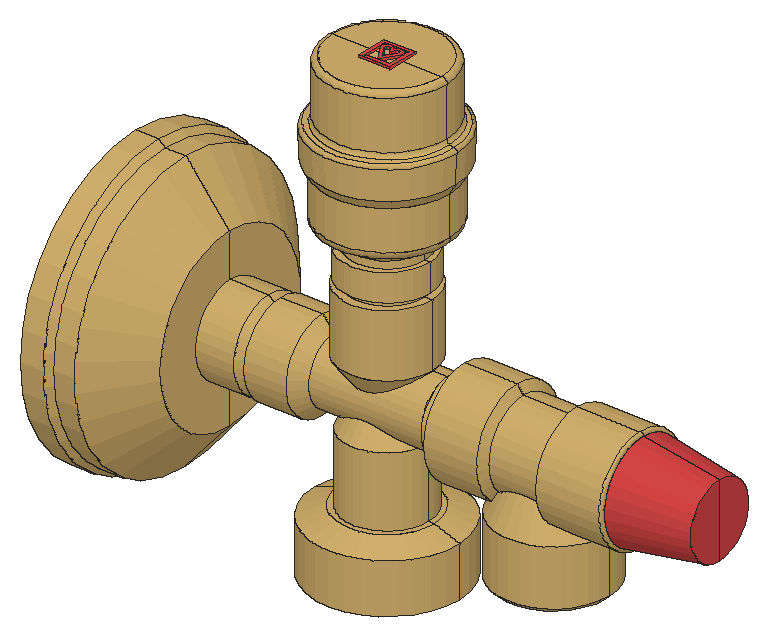
Revit family "Kesselgruppe 2104", category Rohrzubehör, Revit 2020
Family settings
  Bemaßung runder Anschluss = Durchmesser verwenden
  Teiletyp = Normal
  OmniClass-Nummer = 23.65.55.14
  OmniClass-Titel = Valves for Liquid Services
  Arbeitsebenenbasiert = Nein
  Immer vertikal = Ja
  Beim Laden mit Abzugskörper schneiden = Nein
  Gemeinsam genutzt = Nein
Parameters
  Öffnungsdruck = 300000.0 Pa  # constant formula
  max.Betriebstemperatur = 110 °C  # constant formula
  Wäremdämmung = "EPP"  # constant formula
  Vorgabe-Ansicht = 0.000 mm
  Verbindungsstück = "geschmiedetes Messing nach EN 12165; CW617N "  # constant formula
  URL = "www.herz-armaturen.at"
  Sicherheitsventil = "geschmiedetes Messing nach EN 12165; CW617N "  # constant formula
  SCRNSEQ = "AWI;AWI_TYP=\"1001\";2"
  SCRNCODE = "02;04;02"  # constant formula
  S08 = 17.700 mm  # constant formula
  S07 = 69.900 mm  # constant formula
  S06 = 42.700 mm  # constant formula
  S05 = 71.000 mm  # constant formula
  S04 = 32.000 mm  # constant formula
  S03 = 45.000 mm  # constant formula
  S02 = L18 + L19  # 95.300 mm
  S01 = 31.800 mm  # constant formula
  R25 = 10.400 mm  # constant formula
  R24 = 13.900 mm  # constant formula
  R23 = 10.400 mm  # constant formula
  R22 = 12.300 mm  # constant formula
  R21 = 14.800 mm  # constant formula
  R20 = 9.300 mm  # constant formula
  R19 = 16.000 mm  # constant formula
  R18 = Nennweite SV / 2  # 10.000 mm
  R17 = 20.800 mm  # constant formula
  R16 = 12.000 mm  # constant formula
  R15 [instance] = Nennweite Anschluss / 2  # 12.500 mm
  R14 = R04  # 10.650 mm
  R13 = 17.900 mm  # constant formula
  R12 = 17.100 mm  # constant formula
  R11 = 12.500 mm  # constant formula
  R10 = R04  # 10.650 mm
  R09 = 13.000 mm  # constant formula
  R08 = R04  # 10.650 mm
  R07 = 9.500 mm  # constant formula
  R06 = 9.300 mm  # constant formula
  R05 = 13.000 mm  # constant formula
  R04 = 21.300 mm / 2  # 10.650 mm
  R03 = 12.700 mm  # constant formula
  R02 = 39.900 mm  # constant formula
  R01 = 41.500 mm  # constant formula
  Nennweite SV = 20.000 mm  # constant formula
  Nennweite Anschluss [instance] = 25.000 mm  # constant formula
  Medium = "Heizungswasser nach ÖNORM H5195 oder VDI- Richtlinie 2035. Die Verwendung von Ethylen- oder Propyleneglykol in einem Mischungsverhältnis 25- 50% ist zulässig. EPDM-Dichtungen können durch Mineralöle und Schmiermittel beeinflusst werden, was zum Versagen der EPDM-Dichtungen führen kann. Bitte beachten Sie die Dokumentation des Herstellers, wenn Ethylenglykol-Produkte für den Frost- und Korrosionsschutz verwendet werden."
  Manometer = "0 bis 4 bar"  # constant formula
  L19 = 22.000 mm  # constant formula
  L18 = 73.300 mm  # constant formula
  L17 = 95.300 mm  # constant formula
  L16 = 21.400 mm  # constant formula
  L15 = 47.800 mm  # constant formula
  L14 = 31.500 mm  # constant formula
  L13 = 46.500 mm  # constant formula
  L12 = 29.500 mm  # constant formula
  L11 = 31.200 mm  # constant formula
  L10 = 86.000 mm  # constant formula
  L09 = 20.700 mm  # constant formula
  L08 = 37.200 mm  # constant formula
  L07 = 27.700 mm  # constant formula
  L06 = 34.400 mm  # constant formula
  L05 = 19.400 mm  # constant formula
  L04 = 30.600 mm  # constant formula
  L03 = 52.400 mm  # constant formula
  L02 = 27.000 mm  # constant formula
  L01 = 72.000 mm  # constant formula
  Hersteller = "Herz-Armaturen GmbH"  # constant formula
  Gewicht = 0.663  # constant formula
  Entlüfter = "geschmiedetes Messing nach EN 12165; CW617N "  # constant formula
  min.Betriebstemperatur = -10 °C  # constant formula
  Bestellnummer [instance] = if(Nennweite Anschluss = 25.000 mm, 1210415, 0)  # 1210415
Reference planes
  plane 1 "Mitte (Vorne/hinten)": y = 0
  plane 2: z = 0
  plane 3 "Mitte (Links/rechts)": x = 0
Forms (mm)
  Revolve 1, solid, material "Messing", detail levels fine
    sketch origin (0, 0, 0) x (1, 0, 0) y (0, 0, 1)
      loop
        line (-72, 41.5) -> (-72, 0) -> (-19.6, 0) -> (-19.6, 9.485) -> (-20.765, 10.65) -> (-31.58, 10.65) -> (-33.8, 12.7) -> (-45, 12.7) -> (-45, 25.131) -> (-57.8, 39.9) -> (-63.8, 39.9) -> (-65.4, 41.5) -> (-72, 41.5)
      axis (-72, 0) -> (-19.6, 0)
    angle from 0 to 360
  Revolve 2, solid, material "Messing", detail levels fine
    sketch origin (0, 0, 0) x (1, 0, 0) y (0, 0, 1)
      loop
        line (-30.6, 13) -> (-30.6, 10.465) -> (-29.435, 9.3) -> (-19.4, 9.3) -> (-19.4, 0) -> (34.4, 0) -> (34.4, 9.485) -> (33.235, 10.65) -> (18.4, 10.65) -> (17.42, 9.5) -> (-15.065, 9.5) -> (-18.565, 13) -> (-30.6, 13)
      axis (-30.6, 0) -> (34.4, 0)
    angle from 0 to 360
  Revolve 3, solid, material "Messing", detail levels fine
    sketch origin (0, 0, 0) x (1, 0, 0) y (0, 0, 1)
      loop
        line (0, 0) -> (-6, 0) -> (-12, -9.5) -> (-12, -29.5) -> (-13.65, -29.5) -> (-20.8, -32.25) -> (-20.8, -46.5) -> (-12.5, -46.5) -> (-12.5, -33.02) -> (0, -33.02) -> (0, 0)
      axis (0, 0) -> (0, -46.5)
    angle from 0 to 360
  Revolve 4, solid, material "Messing", detail levels fine
    sketch origin (0, 0, 0) x (1, 0, 0) y (0, 0, 1)
      loop
        line (0, 31.2) -> (0, 86) -> (-15.6, 86)
        arc (-15.6, 86) -> (-16.661, 85.561) -> (-17.1, 84.5) r 1.5
        line (-17.1, 84.5) -> (-17.1, 70.6)
        arc (-17.1, 70.6) -> (-17.278, 69.797) -> (-17.778, 69.145) r 1.899
        line (-17.778, 69.145) -> (-19.197, 68.844)
        arc (-19.197, 68.844) -> (-19.771, 68.418) -> (-19.974, 67.733) r 1.128
        line (-19.974, 67.733) -> (-19.7, 59.5) -> (-17.9, 56.7) -> (-17.9, 45.325)
        arc (-17.9, 45.325) -> (-17.131, 43.469) -> (-15.275, 42.7) r 2.625
        line (-15.275, 42.7) -> (-10.65, 39.2) -> (-10.65, 32.365) -> (-9.485, 31.2) -> (0, 31.2)
      axis (0, 86) -> (0, 31.2)
    angle from 0 to 360
  Revolve 5, solid, material "Messing", detail levels fine
    sketch origin (0, 0, 0) x (1, 0, 0) y (0, 0, 1)
      loop
        line (-12.5, 37.2) -> (-12.5, 29.435) -> (-10.65, 28.7) -> (-10.65, 21.865) -> (-9.485, 20.7) -> (0, 20.7) -> (0, 37.2) -> (-12.5, 37.2)
      axis (0, 37.2) -> (0, 20.7)
    angle from 0 to 360
  Revolve 6, solid, material "Messing", detail levels fine
    sketch origin (0, 0, 0) x (1, 0, 0) y (0, 0, 1)
      loop
        line (-13, 27.7) -> (-13, 9.525) -> (-6, 0) -> (0, 0) -> (0, 27.7) -> (-13, 27.7)
      axis (0, 27.7) -> (0, 0)
    angle from 0 to 360
  Revolve 7, solid, material "Messing", detail levels fine
    sketch origin (0, 0, 0) x (1, 0, 0) y (0, 0, 1)
      loop
        line (21.4, 9.3) -> (36.4, 9.3) -> (36.4, 0) -> (73.278, 0) -> (73.278, 13.893)
        arc (73.278, 13.893) -> (73.1, 14.525) -> (72.504, 14.8) r 0.784
        line (72.504, 14.8) -> (54.504, 14.8) -> (53.049, 12.3) -> (38.855, 12.3) -> (37.4, 14.8) -> (22.295, 14.8) -> (21.4, 13.25) -> (21.4, 9.3)
      axis (21.4, 0) -> (73.278, 0)
    angle from 0 to 360
  Revolve 8, solid, material "Messing", detail levels fine
    sketch origin (0, 0, 0) x (1, 0, 0) y (0, 0, 1)
      loop
        line (47.8, -18.34) -> (47.8, 0) -> (39.55, 0) -> (31.8, -14.5) -> (31.8, -30.5) -> (32.8, -31.5) -> (37.8, -31.5) -> (37.8, -18.34) -> (47.8, -18.34)
      axis (47.8, 0) -> (47.8, -31.5)
    angle from 0 to 360
  Revolve 9, solid, material "Kunststoff - Rot", detail levels fine
    sketch origin (0, 0, 0) x (1, 0, 0) y (0, 0, 1)
      loop
        line (95.278, 0) -> (95.278, 10.4) -> (73.3, 13.9) -> (73.3, 0) -> (95.278, 0)
      axis (73.3, 0) -> (95.278, 0)
    angle from 0 to 360
Lines and regions (mm)
  model lines
    curve 1: line (20.8, 0, -47.5) -> (-20.8, 0, -47.5)
    curve 11: line (95, 0, 10.596) -> (87.287, 0, -10.596)
    curve 12: line (87, 0, 10.596) -> (79.287, 0, -10.596)
    curve 13: line (79, 0, 10.596) -> (71.287, 0, -10.596)
    curve 14: line (71, 0, 10.596) -> (63.287, 0, -10.596)
    curve 15: circle (-45, 0, 0) r 27 normal (0, -1, 0)
    curve 18: line (0, 0, 60.6) -> (0, 0, 87.6)
    curve 24: line (0, -46.5, 0) -> (0, 24.8, 0)
  model lines, detail levels coarse+medium
    curve 2: line (0, 0, -47.5) -> (0, 0, 24.8)
    curve 3: line (-18, 0, 0) -> (21.4, 0, 0)
    curve 4: line (21.4, 0, 14.8) -> (21.4, 0, -14.8)
    curve 5: line (21.4, 0, -14.8) -> (47.8, 0, 0)
    curve 6: line (47.8, 0, 0) -> (21.4, 0, 14.8)
    curve 7: line (47.8, 0, 0) -> (31.8, 0, -31.5)
    curve 8: line (31.8, 0, -31.5) -> (63.8, 0, -31.5)
    curve 9: line (63.8, 0, -31.5) -> (47.8, 0, 0)
    curve 10: line (47.8, 0, 0) -> (95.3, 0, 0)
    curve 16: line (0, 0, 87.6) -> (-17.7, 0, 69.9)
    curve 17: circle (0, 0, 42.7) r 17.9 normal (0, -1, 0)
    curve 19: line (0, 0, 87.6) -> (17.7, 0, 69.9)
    curve 20: line (-60.91, 0, -15.91) -> (-29.09, 0, 15.91)
    curve 21: line (-29.09, 0, 15.91) -> (-29.09, 0, 5.91)
    curve 22: line (-29.09, 0, 15.91) -> (-39.09, 0, 15.91)
    curve 23: line (-20.8, -46.5, 0) -> (20.8, -46.5, 0)
    curve 25: circle (0, 42.7, 0) r 17.9 normal (0, 0, 1)
    curve 26: line (-0.022, 60.6, 0) -> (-0.022, 87.578, 0)
    curve 27: line (-0.022, 87.578, 0) -> (-17.7, 69.9, 0)
    curve 28: line (0.022, 87.578, 0) -> (17.7, 69.9, 0)
    curve 29: circle (-45, 0, 0) r 27 normal (0, 0, 1)
    curve 30: line (-60.91, -15.91, 0) -> (-29.09, 15.91, 0)
    curve 31: line (-29.09, 15.91, 0) -> (-29.09, 5.91, 0)
    curve 32: line (-29.09, 15.91, 0) -> (-39.09, 15.91, 0)
    curve 33: line (-18, 0, 0) -> (20.505, 0, 0)
    curve 34: line (21.4, 14.8, 0) -> (21.4, -14.8, 0)
    curve 35: line (21.4, -14.8, 0) -> (47.8, 0, 0)
    curve 36: line (47.8, 0, 0) -> (21.4, 14.8, 0)
    curve 37: line (47.8, 0, 0) -> (95.3, 0, 0)
    curve 38: line (71, 10.619, 0) -> (63.27, -10.619, 0)
    curve 39: line (79, 10.619, 0) -> (71.27, -10.619, 0)
    curve 40: line (87, 10.619, 0) -> (79.27, -10.619, 0)
    curve 41: line (95, 10.619, 0) -> (87.27, -10.619, 0)
    curve 42: line (47.8, 0, 0) -> (31.8, -31.5, 0)
    curve 43: line (31.8, -31.5, 0) -> (63.8, -31.5, 0)
    curve 44: line (63.8, -31.5, 0) -> (47.8, 0, 0)
Dimensions and locks
  "R01": Revolve 1 sketch curve to Revolve 1 sketch curve
  "L01": plane 3 "Mitte (Links/rechts)" to Revolve 1 sketch curve
  "L02": Revolve 1 sketch curve to Revolve 1 sketch curve
  "R02": Revolve 1 sketch curve to Revolve 1 sketch curve
  "R03": Revolve 1 sketch curve to Revolve 1 sketch curve
  "L03": Revolve 1 sketch curve to Revolve 1 sketch curve
  "R04": Revolve 1 sketch curve to Revolve 1 sketch curve
  "L04": plane 3 "Mitte (Links/rechts)" to Revolve 2 sketch curve
  "R05": Revolve 2 sketch curve to Revolve 2 sketch curve
  "R06": Revolve 2 sketch curve to Revolve 2 sketch curve
  "R07": Revolve 2 sketch curve to Revolve 2 sketch curve
  "R08": Revolve 2 sketch curve to Revolve 2 sketch curve
  "L05": plane 3 "Mitte (Links/rechts)" to Revolve 2 sketch curve
  "L06": Revolve 2 sketch curve to plane 3 "Mitte (Links/rechts)"
  "R09": Revolve 6 sketch curve to Revolve 6 sketch curve
  "L07": Revolve 6 sketch curve to Revolve 6 sketch curve
  "L09": Revolve 5 sketch curve to Revolve 6
  "L08": Revolve 5 sketch curve to Revolve 6
  "R11": Revolve 5 sketch curve to Revolve 5 sketch curve
  "R10": Revolve 5 sketch curve to Revolve 5 sketch curve
  "R12": Revolve 4 sketch curve to Revolve 4 sketch curve
  "R13": Revolve 4 sketch curve to Revolve 4 sketch curve
  "R14": Revolve 4 sketch curve to Revolve 4 sketch curve
  "L11": Revolve 4 sketch curve to Revolve 6
  "L10": Revolve 4 sketch curve to Revolve 6
  "L13": Revolve 3 sketch curve to Revolve 3 sketch curve
  "L12": Revolve 3 sketch curve to Revolve 3 sketch curve
  "R16": Revolve 3 sketch curve to Revolve 3 sketch curve
  "R17": Revolve 3 sketch curve to Revolve 3 sketch curve
  "R15": Revolve 3 sketch curve to Revolve 3 sketch curve
  "R19": Revolve 8 sketch curve to Revolve 8 sketch curve
  "R18": Revolve 8 sketch curve to Revolve 8 sketch curve
  "L14": Revolve 8 sketch curve to Revolve 8 sketch curve
  "L15": Revolve 8 sketch curve to plane 3 "Mitte (Links/rechts)"
  "L16": Revolve 7 sketch curve to plane 3 "Mitte (Links/rechts)"
  "R20": Revolve 7 sketch curve to Revolve 7 sketch curve
  "R21": Revolve 7 sketch curve to Revolve 7 sketch curve  (x2)
  "R22": Revolve 7 sketch curve to Revolve 7 sketch curve
  "R25": Revolve 9 sketch curve to Revolve 9 sketch curve
  "R24": Revolve 9 sketch curve to Revolve 9 sketch curve
  "L19": Revolve 9 sketch curve to Revolve 7
  "L18": plane 3 "Mitte (Links/rechts)" to Revolve 9 sketch curve
  "R17": curve 1 to plane 3 "Mitte (Links/rechts)" to curve 1
  "L13": plane 2 to Revolve 3
  "S06": curve 17 to plane 2
  "S07": curve 16 to plane 2
  "S07": curve 19 to plane 2
  "S08": curve 19 to plane 3 "Mitte (Links/rechts)"
  "S08": plane 3 "Mitte (Links/rechts)" to curve 16
  "S03": plane 3 "Mitte (Links/rechts)" to curve 15
  "L16": curve 4 to plane 3 "Mitte (Links/rechts)"
  "R21": curve 6 to plane 2 to curve 5
  "L15": curve 10 to plane 3 "Mitte (Links/rechts)"
  "L14": plane 2 to curve 8
  "S01": curve 8 to plane 3 "Mitte (Links/rechts)"
  "S04": curve 8 to curve 9
  "S02": curve 10 to plane 3 "Mitte (Links/rechts)"
  equal spacing: curve 14, plane 2, curve 14
  equal spacing: curve 13, plane 2, curve 13
  equal spacing: curve 12, plane 2, curve 12
  equal spacing: curve 11, plane 2, curve 11
  curve 11 to curve 12 = 8.000 mm
  curve 12 to curve 13 = 8.000 mm
  curve 13 to curve 14 = 8.000 mm
  "S05": curve 14 to plane 3 "Mitte (Links/rechts)"
  "S07": plane 1 "Mitte (Vorne/hinten)" to curve 27
  "S08": curve 27 to plane 3 "Mitte (Links/rechts)"
  "S08": plane 3 "Mitte (Links/rechts)" to curve 28
  "S07": plane 1 "Mitte (Vorne/hinten)" to curve 28
  "S06": plane 1 "Mitte (Vorne/hinten)" to curve 25
  "R17": curve 23 to plane 3 "Mitte (Links/rechts)" to curve 23
  "L13": curve 23 to plane 1 "Mitte (Vorne/hinten)"
  "S03": curve 29 to plane 3 "Mitte (Links/rechts)"
  "L16": plane 3 "Mitte (Links/rechts)" to curve 34
  "R21": plane 1 "Mitte (Vorne/hinten)" to curve 36
  "R21": curve 35 to plane 1 "Mitte (Vorne/hinten)"
  "L15": plane 3 "Mitte (Links/rechts)" to curve 36
  "S02": plane 3 "Mitte (Links/rechts)" to curve 37
  equal spacing: curve 38, plane 1 "Mitte (Vorne/hinten)", curve 38
  "S05": plane 3 "Mitte (Links/rechts)" to curve 38
  equal spacing: curve 39, plane 1 "Mitte (Vorne/hinten)", curve 39
  curve 38 to curve 39 = 8.000 mm
  equal spacing: curve 40, plane 1 "Mitte (Vorne/hinten)", curve 40
  curve 40 to curve 39 = 8.000 mm
  curve 41 to curve 40 = 8.000 mm
  equal spacing: curve 41, plane 1 "Mitte (Vorne/hinten)", curve 41
  "L14": curve 43 to plane 1 "Mitte (Vorne/hinten)"
  "S01": plane 3 "Mitte (Links/rechts)" to curve 43
  "S04": curve 43 to curve 44
  "R13": radius of curve 17
  "L02": radius of curve 15
  "R13": radius of curve 25
  "L02": radius of curve 29
  angle curve 16 to curve 18 = 45.00°
  angle plane 3 "Mitte (Links/rechts)" to curve 19 = 45.00°
  angle curve 20 to curve 21 = 45.00°
  angle plane 2 to curve 11 = 70.00°
  angle plane 2 to curve 12 = 70.00°
  angle plane 2 to curve 13 = 70.00°
  angle plane 2 to curve 14 = 70.00°
  angle curve 27 to curve 26 = 45.0005°
  angle curve 26 to curve 28 = 45.0005°
  angle curve 30 to curve 31 = 45.00°
  angle plane 1 "Mitte (Vorne/hinten)" to curve 38 = 70.00°
  angle plane 1 "Mitte (Vorne/hinten)" to curve 39 = 70.00°
  angle plane 1 "Mitte (Vorne/hinten)" to curve 40 = 70.00°
  angle plane 1 "Mitte (Vorne/hinten)" to curve 41 = 70.00°
  aligned and locked: level to plane 2
Automatic sketch dimensions
  curve 17 to plane 3 "Mitte (Links/rechts)" = 0.000 mm
  curve 2 to plane 3 "Mitte (Links/rechts)" = 0.000 mm
  curve 7 to level = 0.000 mm
  curve 15 to level = 0.000 mm
  curve 3 to level = 0.000 mm
  curve 20 to curve 3 = 11.090 mm
  level to curve 22 = 15.910 mm
  curve 22 to curve 20 = 10.000 mm
  curve 1 to curve 7 = 16.000 mm
  curve 24 to plane 3 "Mitte (Links/rechts)" = 0.000 mm
  plane 1 "Mitte (Vorne/hinten)" to curve 33 = 0.000 mm
  plane 1 "Mitte (Vorne/hinten)" to curve 42 = 0.000 mm
  plane 1 "Mitte (Vorne/hinten)" to curve 29 = 0.000 mm
  curve 30 to curve 33 = 11.090 mm
  curve 25 to plane 3 "Mitte (Links/rechts)" = 0.000 mm
  curve 32 to plane 1 "Mitte (Vorne/hinten)" = 15.910 mm
  curve 32 to curve 30 = 10.000 mm
  curve 33 to curve 34 = 0.895 mm
  Revolve 1 sketch curve to level = 0.000 mm  (x2)
  Revolve 1 sketch curve to Revolve 1 sketch curve = 6.600 mm
  Revolve 1 sketch curve to Revolve 1 sketch curve = 1.600 mm
  Revolve 1 sketch curve to Revolve 1 sketch curve = 6.000 mm
  Revolve 1 sketch curve to Revolve 1 sketch curve = 11.200 mm
  Revolve 1 sketch curve to Revolve 1 sketch curve = 2.220 mm
  Revolve 1 sketch curve to Revolve 1 sketch curve = 1.165 mm  (x2)
  Revolve 1 sketch curve to Revolve 1 sketch curve = 12.431 mm
  Revolve 1 sketch curve to Revolve 1 sketch curve = 1279.990 mm
  plane 3 "Mitte (Links/rechts)" to Revolve 1 sketch curve = 1898.983 mm
  Revolve 2 sketch curve to level = 0.000 mm  (x2)
  Revolve 2 sketch curve to Revolve 2 sketch curve = 1.165 mm  (x4)
  Revolve 2 sketch curve to Revolve 2 sketch curve = 0.835 mm
  Revolve 2 sketch curve to Revolve 2 sketch curve = 4.335 mm
  Revolve 2 sketch curve to Revolve 2 sketch curve = 16.980 mm
  Revolve 2 sketch curve to Revolve 2 sketch curve = 0.980 mm
  Revolve 2 sketch curve to Revolve 2 sketch curve = 1321.410 mm
  Revolve 2 sketch curve to Revolve 2 sketch curve = 1864.563 mm
  Revolve 3 sketch curve to level = 0.000 mm
  Revolve 3 sketch curve to plane 3 "Mitte (Links/rechts)" = 0.000 mm  (x2)
  Revolve 3 sketch curve to Revolve 3 sketch curve = 1.650 mm
  Revolve 3 sketch curve to Revolve 3 sketch curve = 6.000 mm
  Revolve 3 sketch curve to Revolve 3 sketch curve = 3.520 mm
  Revolve 3 sketch curve to Revolve 3 sketch curve = 2.750 mm
  Revolve 3 sketch curve to level = 9.500 mm
  Revolve 3 sketch curve to Revolve 3 sketch curve = 319.545 mm
  level to Revolve 3 sketch curve = 2214.315 mm
  Revolve 4 sketch curve to plane 3 "Mitte (Links/rechts)" = 0.000 mm  (x2)
  Revolve 4 sketch curve to Revolve 4 sketch curve = 1.747 mm
  Revolve 4 sketch curve to Revolve 4 sketch curve = 1.899 mm
  Revolve 4 sketch curve to Revolve 4 sketch curve = 0.350 mm
  Revolve 4 sketch curve to Revolve 4 sketch curve = 1.800 mm
  Revolve 4 sketch curve to Revolve 4 sketch curve = 1.128 mm
  Revolve 4 sketch curve to Revolve 4 sketch curve = 1.419 mm
  Revolve 4 sketch curve to Revolve 4 sketch curve = 1.500 mm
  Revolve 4 sketch curve to Revolve 4 sketch curve = 2.625 mm
  Revolve 4 sketch curve to Revolve 4 sketch curve = 1.165 mm  (x2)
  Revolve 4 sketch curve to Revolve 4 sketch curve = 6.835 mm
  Revolve 4 sketch curve to Revolve 4 sketch curve = 3.500 mm
  Revolve 4 sketch curve to Revolve 4 sketch curve = 11.375 mm
  Revolve 4 sketch curve to Revolve 4 sketch curve = 2.800 mm
  Revolve 4 sketch curve to Revolve 4 sketch curve = 8.233 mm
  Revolve 4 sketch curve to Revolve 4 sketch curve = 0.038 mm
  Revolve 4 sketch curve to Revolve 4 sketch curve = 0.302 mm
  Revolve 4 sketch curve to level = 366.045 mm
  Revolve 4 sketch curve to Revolve 4 sketch curve = 2128.315 mm
  Revolve 5 sketch curve to plane 3 "Mitte (Links/rechts)" = 0.000 mm  (x2)
  Revolve 5 sketch curve to Revolve 5 sketch curve = 1.165 mm  (x2)
  Revolve 5 sketch curve to Revolve 5 sketch curve = 6.835 mm
  Revolve 5 sketch curve to Revolve 5 sketch curve = 0.735 mm
  Revolve 5 sketch curve to level = 366.045 mm
  Revolve 5 sketch curve to Revolve 5 sketch curve = 2177.115 mm
  Revolve 6 sketch curve to level = 0.000 mm
  Revolve 6 sketch curve to plane 3 "Mitte (Links/rechts)" = 0.000 mm  (x2)
  Revolve 6 sketch curve to plane 3 "Mitte (Links/rechts)" = 6.000 mm
  level to Revolve 6 sketch curve = 9.525 mm
  Revolve 6 sketch curve to level = 366.045 mm
  Revolve 6 sketch curve to Revolve 6 sketch curve = 2186.615 mm
  Revolve 7 sketch curve to level = 0.000 mm  (x2)
  Revolve 7 sketch curve to Revolve 7 sketch curve = 0.895 mm
  Revolve 7 sketch curve to Revolve 7 sketch curve = 15.000 mm
  Revolve 7 sketch curve to Revolve 7 sketch curve = 1.000 mm
  Revolve 7 sketch curve to Revolve 7 sketch curve = 1.455 mm  (x2)
  Revolve 7 sketch curve to Revolve 7 sketch curve = 14.194 mm
  Revolve 7 sketch curve to Revolve 7 sketch curve = 18.000 mm
  Revolve 7 sketch curve to Revolve 7 sketch curve = 0.774 mm
  Revolve 7 sketch curve to Revolve 7 sketch curve = 1.550 mm
  Revolve 7 sketch curve to Revolve 7 sketch curve = 0.907 mm
  Revolve 7 sketch curve to plane 3 "Mitte (Links/rechts)" = 1351.990 mm
  Revolve 7 sketch curve to Revolve 7 sketch curve = 1825.705 mm
  Revolve 8 sketch curve to level = 0.000 mm  (x2)
  Revolve 8 sketch curve to Revolve 8 sketch curve = 0.000 mm  (x2)
  Revolve 8 sketch curve to Revolve 8 sketch curve = 8.250 mm
  Revolve 8 sketch curve to Revolve 8 sketch curve = 1.000 mm  (x2)
  Revolve 8 sketch curve to Revolve 8 sketch curve = 13.160 mm
  Revolve 8 sketch curve to Revolve 8 sketch curve = 3.840 mm
  Revolve 9 sketch curve to level = 0.000 mm  (x2)
  Revolve 9 sketch curve to plane 3 "Mitte (Links/rechts)" = 1351.990 mm
  Revolve 9 sketch curve to Revolve 9 sketch curve = 1803.683 mm
Nested families
  nested 1: "Herz-Logo" at (0, 0, 85), type "Herz-Logo", detail levels fine
Connectors
  piping at (0, 0, -33.02), diameter 25, driven by "Nennweite Anschluss"
    settings: on Revolve 3, index 1, connector inside diameter 609.6 mm, connector length 0.000 mm, flow factor 0, pipe flow 0.0 L/s, pressure drop 0.0 Pa, fitting loss kfactor 0, connector angle 0.00°, fixture units 0, engagement length 0.000 mm, angle of deflection 0.00°, flow configuration 0, flow direction 1, fitting loss method 0, system type 29, joint type 0, gender type 0, connector reference index -1, connector utility 0, adjustable connector no, is connector primary yes, connector description ""
  piping at (47.8, 0, -18.34), diameter 20, driven by "Nennweite SV"
    settings: on Revolve 8, index 2, connector inside diameter 609.6 mm, connector length 0.000 mm, flow factor 0, pipe flow 0.0 L/s, pressure drop 0.0 Pa, fitting loss kfactor 0, connector angle 0.00°, fixture units 0, engagement length 0.000 mm, angle of deflection 0.00°, flow configuration 0, flow direction 2, fitting loss method 0, system type 29, joint type 0, gender type 0, connector reference index -1, connector utility 0, adjustable connector no, is connector primary no, connector description ""
Definition of nested family "Herz-Logo"
  Parameters (values of type "Herz-Logo")
    Default Elevation = 0.000 mm
  Reference planes
    plane 1 "Mitte (Vorne/hinten)": y = 0
    plane 2: z = 0
    plane 3 "Mitte (Links/rechts)": x = 0
  Forms (mm)
    Extrusion 1, solid
      sketch origin (0, 0, 0) x (1, 0, 0) y (0, 1, 0)
        loop
          line (-0.018, -4.517) -> (4.482, -4.517) -> (4.482, 4.483) -> (-4.518, 4.483) -> (-4.518, -4.517) -> (-0.018, -4.517)
        loop
          line (-0.05, -3.48) -> (3.482, -3.48) -> (3.482, 3.483) -> (-3.518, 3.483) -> (-3.518, -3.48) -> (-0.05, -3.48)
        loop
          arc (-0.018, 2.383) -> (-1.543, 3.287) -> (-3.067, 2.383) r 1.738
          arc (-3.067, 2.383) -> (-3.191, 1.899) -> (-3.067, 1.415) r 1.009
          line (-3.067, 1.415) -> (-0.018, -3.281) -> (3.032, 1.415)
          arc (3.032, 1.415) -> (3.156, 1.899) -> (3.032, 2.383) r 1.009
          arc (3.032, 2.383) -> (1.507, 3.287) -> (-0.018, 2.383) r 1.738
        loop
          arc (1.885, 1.272) -> (2.005, 1.675) -> (1.885, 2.079) r 0.74
          arc (1.885, 2.079) -> (1.265, 2.416) -> (0.644, 2.079) r 0.74
          line (0.644, 2.079) -> (-0.018, 0.97) -> (-0.679, 2.079)
          arc (-0.679, 2.079) -> (-1.3, 2.416) -> (-1.921, 2.079) r 0.74
          arc (-1.921, 2.079) -> (-2.04, 1.675) -> (-1.921, 1.272) r 0.74
          line (-1.921, 1.272) -> (-0.018, -1.658) -> (1.885, 1.272)
      from 0 to 1.5
  Dimensions and locks
    aligned and locked: level to plane 2
